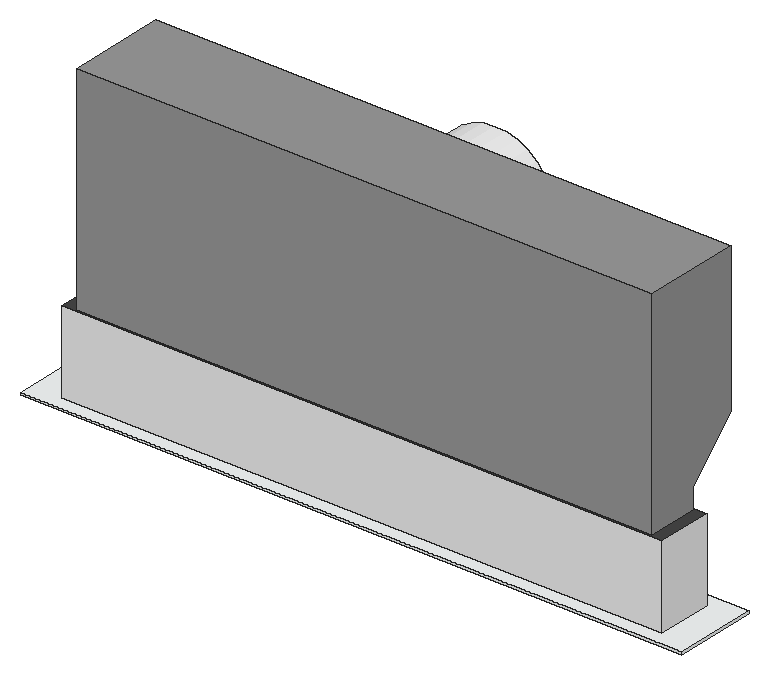
Revit family "HVAC_Ductwork_Airzone_Return-Linear-Diffuser_DFLI-PX_500mm1", category Air Terminals, Revit 2016
Family settings
  Part Type = Normal
  Round Connector Dimension = Use Diameter
  OmniClass Number = 23.75.70.21
  OmniClass Title = Terminals for Air
  Work Plane-Based = No
  Always vertical = Yes
  Cut with Voids When Loaded = No
  Shared = No
  Room Calculation Point = Yes
Parameters (values of type "INVALID TYPE - Use Load Family and Type Catalog instead")
  c8 = -0.6279  # constant formula
  c7 = 0.02769  # constant formula
  c6 = -5.505  # constant formula
  c5 = 53.51  # constant formula
  c4 = -37.4  # constant formula
  c3 = -87.76  # constant formula
  c2 = -2.073  # constant formula
  c1 = 0.000712  # constant formula
  Velocity [instance] = (Q / (36 * Ak)) * 1.0 m/s  # 17.6367 m/s
  URL = "www.airzone.es"
  Type Image Comments = "Image available in product documentation download"  # constant formula
  Type Comments = ""
  Throw Distance [instance] = round((c7 * (Ak ^ c8) * Q) * 1000) * 1 mm  # 14804 mm
  Sound Level in dBA [instance] = round((c3 + (c4 * log(Ak))) + ((c5 + (c6 * log(Ak))) * log(Q)))  # 62
  Right Cap [instance] = yes
  Revit Model Version = "1.0"  # constant formula
  Q [instance] = (1000 mm / Duct Width) * Flow / 1 m³/h  # 400
  Product Documentation Download URL = "http://doc.airzone.es/BIM/AirQ/Airzone_DFLI.zip"
  Product Comments = "Refer to technical documentation for further details"  # constant formula
  Product Code = "INVALID – Type not loaded via type catalog"
  Pressure Drop [instance] = ((c1 * (Ak ^ c2)) * (Q ^ 2)) * 1.0 Pa  # 296.87 Pa
  Plenum Width = 82.7 mm
  Plenum Material = Metal - AIRZONE - Galvanized Sheet - Semi-polished
  Plenum Length = 479.6 mm
  Plenum Height = 180 mm
  Plenum Center Offset = if(Duct Height > 75 mm, 0 mm, 20 mm)  # 20 mm
  Model = Product Code  # "INVALID – Type not loaded via type catalog"
  Min Flow = 75 m³/h
  Max Flow = 600 m³/h
  Manufacturer = "AIRZONE"  # constant formula
  Main Material = Metal - AIRZONE - Extruded Aluminium - White (RAL 9010)
  Long Description = "Long-range linear diffuser to enable the air supply. 1-4 air outlets. Provided with moving slats, it is designed to be installed in HVAC duct networks. Available in four different models"  # constant formula
  Left Cap [instance] = yes
  Flow [instance] = 200 m³/h
  Fixing = "Fixing bracket. Plenum"  # constant formula
  Finish = "White ( RAL 9010)"
  Effective Area = (Ak / (1000 mm / Duct Width)) * 100.00 cm²  # 31.50 cm²
  Duct Width = 500 mm
  Duct Height = 75 mm
  Duct Diameter = 100 mm
  Duct Connection Top Offset = 19 mm
  Duct Connection Diameter = 97.6 mm
  Disclaimer = "All information provided in this model is reviewed before being published. However, Airzone cannot guarantee this model is error-free, therefore users are strongly encouraged to check for technical documentation and updates"  # constant formula
  Description = "Linear diffuser"  # constant formula
  Compatible Accesories = "Plenum for lineal diffuser (PLEN). Linear diffuser corner (DFLIxSQ)"  # constant formula
  Ak = 0.63
  Accessories Material = Metal - AIRZONE - Aluminium - Satin
Reference planes
  plane 1 "Center (Front/Back)": y = 0
  plane 2: z = 0
  plane 3 "Center (Left/Right)": x = 0
  plane 4 "Plenum Bottom": z = 68.7
  plane 5 "Plenum Center (Front/Back)": y = 20
Dimensions and locks
  locked: plane 4 "Plenum Bottom" to level at 68.7
  "Plenum Center Offset": plane 1 "Center (Front/Back)" to plane 5 "Plenum Center (Front/Back)"
  aligned and locked: level to plane 2
  aligned and locked: plane 3 "Center (Left/Right)" to nested 1
  aligned and locked: plane 1 "Center (Front/Back)" to nested 1
  aligned and locked: plane 3 "Center (Left/Right)" to nested 2
  aligned and locked: nested 2 to plane 5 "Plenum Center (Front/Back)"
Nested families
  nested 1: "DFLI_Diffuser" at (0, 0, 0), Main Material <- "Main Material", Accessories Material <- "Accessories Material", Duct Height <- "Duct Height", Duct Width <- "Duct Width", Left Cap <- "Left Cap", Right Cap <- "Right Cap", type "Standard"
    with Slats Width 47 mm, Slats Length 500 mm, Slats Height 68.7 mm, Right Cap Length 26 mm, Right Cap yes, Outlet Single Visibility yes, Outlet Group Visibility no, Main Material Metal - AIRZONE - Extruded Aluminium - White (RAL 9010), Left Cap Length 26 mm, Left Cap yes, Duct Width 500 mm, Duct Height 75 mm, Actual Number of Outlets 2, Accessories Material Metal - AIRZONE - Aluminium - Satin
  nested 2: "DFLI_Plenum_500mm" at (0, 20, 68.7), Main Material <- "Plenum Material", Accessories Material <- "Accessories Material", Duct Connection Top Offset <- "Duct Connection Top Offset", Duct Diameter <- "Duct Diameter", Height <- "Plenum Height", Duct Connection Diameter <- "Duct Connection Diameter", Length <- "Plenum Length", Width <- "Plenum Width", type "Standard"
    with Width 82.7 mm, Void.Extrusion 484.6 mm, Main Material Metal - AIRZONE - Galvanized Sheet - Semi-polished, Length 479.6 mm, Height 180 mm, Duct Diameter 100 mm, Duct Connection Top Offset 19 mm, Duct Connection Diameter 97.6 mm, Accessories Material Metal - AIRZONE - Aluminium - Satin
Connectors
  hvac at (0, 115.55, 180.9), driven by "Pressure Drop", driven by "Flow", driven by "Duct Diameter"
    settings: on nested 2, index 1, duct flow 200 m³/h, flow factor 0, pres drop 296.87 Pa, loss coef 0, conn angle 0.00°, conn width 304.8 mm, conn height 304.8 mm, conn diameter 100 mm, duct sys type 2, conn prof type 0, flow config 1, flow direction 2, loss method 4, conn ref index -1, conn util no, is conn primary yes, conn desc "Return Air"
Definition of nested family "DFLI_Diffuser"
  Parameters (values of type "Standard")
    URL = "www.airzone.es"
    Type Comments = ""
    Slats Width [instance] = if(Duct Height < 110 mm, 47 mm, if(Duct Height < 150 mm, 85.3 mm, if(Duct Height < 200 mm, 123.3 mm, 161.9 mm)))  # 161.9 mm
    Slats Length [instance] = Duct Width  # 1000 mm
    Slats Height [instance] = 68.7 mm  # constant formula
    Right Cap Length [instance] = if(Right Cap, 26 mm, 0 mm)  # 26 mm
    Right Cap [instance] = yes
    Revit Model Version = "1.0"  # constant formula
    Revit Model Author URL = "www.a3d.es"
    Revit Model Author = "A3D Consulting"  # constant formula
    Outlet Single Visibility [instance] = not(Slats Width > 47 mm)  # no
    Outlet Group Visibility [instance] = Slats Width > 47 mm  # yes
    Min Flow = 150 m³/h
    Max Flow = 300 m³/h
    Manufacturer = "AIRZONE"  # constant formula
    Main Material [instance] = none
    Left Cap Length [instance] = if(Left Cap, 26 mm, 0 mm)  # 26 mm
    Left Cap [instance] = yes
    Duct Width [instance] = 1000 mm
    Duct Height [instance] = 200 mm
    Disclaimer = "All information provided in this model is reviewed before being published. However, Airzone cannot guarantee this model is error-free, therefore users are strongly encouraged to check for technical documentation and updates"  # constant formula
    Actual Number of Outlets [instance] = if(not(Slats Width > 85.3 mm), 2, if(not(Slats Width > 123.6 mm), 3, 4))  # 4
    Accessories Material [instance] = none
  Reference planes
    plane 1 "Center (Front/Back)": y = 0
    plane 2: z = 0
    plane 3 "Center (Left/Right)": x = 0
    plane 4 "Left": x = -526
    plane 5 "Right": x = 526
    plane 6 "Front": y = -91.95
    plane 7 "Back": y = 91.95
    plane 8 "Inner Left": x = -500
    plane 9 "Inner Right": x = 500
    plane 10 "Inner Back": y = 80.95
    plane 11 "Inner Front": y = -80.95
    plane 12 "First Outlet": y = -56.95
    plane 13 "Last Outlet": y = 56.95
  Forms (mm)
    Extrusion 1, solid, material <- "Main Material"
      sketch origin (0, 0, 0) x (1, 0, 0) y (0, 1, 0)
        loop
          line (-526, 91.95) -> (-526, -91.95) -> (526, -91.95) -> (526, 91.95) -> (-526, 91.95)
      from -2 to 0
    Extrusion 2, solid, material <- "Accessories Material"
      sketch origin (0, 0, 0) x (1, 0, 0) y (0, 1, 0)
        loop
          line (-500, 80.95) -> (-500, -80.95) -> (500, -80.95) -> (500, 80.95) -> (-500, 80.95)
      from 0 to 68.7 <- "Slats Height"
    Extrusion 3, void
      sketch origin (0, 0, 0) x (1, 0, 0) y (0, 1, 0)
        loop
          line (526, 96.95) -> (526, -96.95) -> (550, -96.95) -> (550, 96.95) -> (526, 96.95)
      from -3 to 1
    Extrusion 4, void
      sketch origin (0, 0, 0) x (1, 0, 0) y (0, 1, 0)
        loop
          line (-550, 96.95) -> (-550, -96.95) -> (-526, -96.95) -> (-526, 96.95) -> (-550, 96.95)
      from -3 to 1
  Cuts and joins
    Extrusion 3, Extrusion 4 cuts Extrusion 1
  Dimensions and locks
    equal spacing: plane 10 "Inner Back", plane 1 "Center (Front/Back)", plane 11 "Inner Front"
    "Slats Width": plane 10 "Inner Back" to plane 11 "Inner Front"
    equal spacing: plane 8 "Inner Left", plane 3 "Center (Left/Right)", plane 9 "Inner Right"
    "Slats Length": plane 8 "Inner Left" to plane 9 "Inner Right"
    locked: plane 4 "Left" to plane 8 "Inner Left" at 26
    locked: plane 9 "Inner Right" to plane 5 "Right" at 26
    locked: plane 7 "Back" to plane 10 "Inner Back" at 11
    locked: plane 11 "Inner Front" to plane 6 "Front" at 11
    equal spacing: group 1, group 3, group 4, group 2  (x3)
    locked: plane 7 "Back" to plane 13 "Last Outlet" at 35
    locked: plane 12 "First Outlet" to plane 6 "Front" at 35
    locked: plane 6 "Front" to Extrusion 3 sketch curve at 5
    locked: Extrusion 3 sketch curve to plane 7 "Back" at 5
    locked: plane 9 "Inner Right" to Extrusion 3 sketch curve at 50
    "Right Cap Length": plane 9 "Inner Right" to Extrusion 3 sketch curve
    locked: plane 6 "Front" to Extrusion 4 sketch curve at 5
    locked: Extrusion 4 sketch curve to plane 7 "Back" at 5
    locked: Extrusion 4 sketch curve to plane 8 "Inner Left" at 50
    "Left Cap Length": Extrusion 4 sketch curve to plane 8 "Inner Left"
    aligned and locked: level to plane 2
    aligned and locked: plane 4 "Left" to Extrusion 1 sketch curve
    aligned and locked: Extrusion 1 sketch curve to plane 7 "Back"
    aligned and locked: Extrusion 1 sketch curve to plane 5 "Right"
    aligned and locked: plane 6 "Front" to Extrusion 1 sketch curve
    aligned and locked: Extrusion 2 sketch curve to plane 8 "Inner Left"
    aligned and locked: Extrusion 2 sketch curve to plane 10 "Inner Back"
    aligned and locked: plane 9 "Inner Right" to Extrusion 2 sketch curve
    aligned and locked: plane 11 "Inner Front" to Extrusion 2 sketch curve
    aligned and locked: plane 3 "Center (Left/Right)" to nested 1
    aligned and locked: nested 1 to plane 12 "First Outlet"
    aligned and locked: plane 13 "Last Outlet" to nested 2
    aligned and locked: plane 3 "Center (Left/Right)" to nested 5
    aligned and locked: nested 5 to plane 12 "First Outlet"
  Nested families
    nested 1: "DFLI_Outlet" at (0, -56.95, -2), Length <- "Slats Length", visible <- "Outlet Group Visibility", type "Standard"
      with Length 1000 mm
    nested 2: "DFLI_Outlet" at (0, 56.95, -2), Length <- "Slats Length", visible <- "Outlet Group Visibility", type "Standard"
      with Length 1000 mm
    nested 3: "DFLI_Outlet" at (0, -18.983, -2), Length <- "Slats Length", visible <- "Outlet Group Visibility", type "Standard"
      with Length 1000 mm
    nested 4: "DFLI_Outlet" at (0, 18.983, -2), Length <- "Slats Length", visible <- "Outlet Group Visibility", type "Standard"
      with Length 1000 mm
    nested 5: "DFLI_Outlet" at (0, -56.95, -2), visible <- "Outlet Single Visibility", Length <- "Slats Length", type "Standard"
      with Length 1000 mm
  Definition of nested family "DFLI_Outlet"
    Parameters (values of type "Standard")
      URL = "www.airzone.es"
      Type Comments = ""
      Revit Model Version = "1.0"  # constant formula
      Revit Model Author URL = "www.a3d.es"
      Revit Model Author = "A3D Consulting"  # constant formula
      Min Flow = 0 m³/h
      Max Flow = 0 m³/h
      Manufacturer = "AIRZONE"  # constant formula
      Length [instance] = 179 mm
      Default Elevation = 0 mm
    Reference planes
      plane 1 "Center (Front/Back)": y = 0
      plane 2: z = 0
      plane 3 "Center (Left/Right)": x = 0
      plane 4 "Left": x = -89.5
      plane 5 "Right": x = 89.5
    Forms (mm)
      Extrusion 1, solid, detail levels fine
        sketch origin (0, 0, 0) x (1, 0, 0) y (0, 1, 0)
          loop
            line (-89.5, -8.5) -> (89.5, -8.5) -> (89.5, 8.5) -> (-89.5, 8.5) -> (-89.5, -8.5)
        from -1 to 0
    Lines and regions (mm)
      model lines, detail levels medium
        curve 1: line (89.5, 0, 0) -> (-89.5, 0, 0)
      symbolic lines, detail levels medium
        curve 2: line (-89.5, 0, 0) -> (89.5, 0, 0)
      symbolic lines, detail levels fine
        curve 3: line (-89.5, 8.5, 0) -> (89.5, 8.5, 0)
        curve 4: line (89.5, 8.5, 0) -> (89.5, -8.5, 0)
        curve 5: line (89.5, -8.5, 0) -> (-89.5, -8.5, 0)
        curve 6: line (-89.5, -8.5, 0) -> (-89.5, 8.5, 0)
    Dimensions and locks
      equal spacing: plane 4 "Left", plane 3 "Center (Left/Right)", plane 5 "Right"
      "Length": plane 4 "Left" to plane 5 "Right"
      equal spacing: curve 5, plane 1 "Center (Front/Back)", curve 3
      locked: curve 5 to curve 3 at 17
      equal spacing: Extrusion 1 sketch curve, plane 1 "Center (Front/Back)", Extrusion 1 sketch curve
      locked: Extrusion 1 sketch curve to Extrusion 1 sketch curve at 17
      aligned and locked: level to plane 2
      aligned and locked: plane 1 "Center (Front/Back)" to curve 2
      aligned and locked: curve 1 to plane 1 "Center (Front/Back)"
      aligned and locked: plane 4 "Left" to curve 6
      aligned and locked: plane 5 "Right" to curve 4
      aligned and locked: Extrusion 1 sketch curve to plane 4 "Left"
      aligned and locked: Extrusion 1 sketch curve to plane 5 "Right"
Definition of nested family "DFLI_Plenum_500mm"
  Parameters (values of type "Standard")
    Width [instance] = 82.7 mm
    Void.Extrusion [instance] = if(Duct Diameter = 100 mm, Length + 5 mm, 2 mm)  # 484.6 mm
    URL = "www.airzone.es"
    Type Comments = ""
    Revit Model Version = "1.0"  # constant formula
    Revit Model Author URL = "www.a3d.es"
    Revit Model Author = "A3D Consulting"  # constant formula
    Manufacturer = "AIRZONE"  # constant formula
    Main Material [instance] = none
    Length [instance] = 479.6 mm
    Duct Diameter [instance] = 100 mm
    Duct Connection Top Offset [instance] = 19 mm
    Duct Connection Diameter [instance] = 97.6 mm
    Height [instance] = 180 mm
    Disclaimer = "All information provided in this model is reviewed before being published. However, Airzone cannot guarantee this model is error-free, therefore users are strongly encouraged to check for technical documentation and updates"  # constant formula
    Default Elevation = 0 mm
    Accessories Material [instance] = none
  Reference planes
    plane 1 "Center (Front/Back)": y = 0
    plane 2 "Bottom": z = 0
    plane 3 "Center (Left/Right)": x = 0
    plane 4 "Left": x = -239.8
    plane 5 "Right": x = 239.8
    plane 6 "Front": y = -41.35
    plane 7 "Back": y = 41.35
    plane 8 "Top": z = 180
    plane 9: y = 1.45
    plane 10: z = 16.29
    plane 11: z = 55.75
    plane 12 "Void.Aux": x = -244.8
    plane 13 "Inlet-Outlet Top": z = 161
    plane 14 "Inlet-Outlet Bottom": z = 63.4
    plane 15 "Inlet-Outlet Center (Top/Bottom)": z = 112.2
  Forms (mm)
    Extrusion 1, solid, material <- "Main Material"
      sketch origin (0, 0, 0) x (1, 0, 0) y (0, 1, 0)
        loop
          line (-239.8, 41.35) -> (-239.8, -41.35) -> (239.8, -41.35) -> (239.8, 41.35) -> (-239.8, 41.35)
      from 0 to 180 <- "Height"
    Extrusion 2, solid, material <- "Accessories Material"
      sketch origin (0, 41.35, 0) x (-1, 0, 0) y (0, 0, 1)
        loop
          circle (0, 112.2) r 48.8
      from 0 to 54.2
    Extrusion 3, void
      sketch origin (-244.8, 0, 0) x (0, 1, 0) y (0, 0, 1)
        loop
          line (41.35, 0) -> (41.35, 55.75) -> (1.45, 16.29) -> (1.45, 0) -> (41.35, 0)
      from 0 to 484.6 <- "Void.Extrusion"
  Cuts and joins
    Extrusion 3 cuts Extrusion 1
  Dimensions and locks
    equal spacing: plane 4 "Left", plane 3 "Center (Left/Right)", plane 5 "Right"
    "Length": plane 4 "Left" to plane 5 "Right"
    equal spacing: plane 6 "Front", plane 1 "Center (Front/Back)", plane 7 "Back"
    "Width": plane 6 "Front" to plane 7 "Back"
    "Height": plane 8 "Top" to level
    locked: plane 9 to plane 6 "Front" at 42.8
    locked: plane 10 to level at 16.29
    locked: plane 11 to level at 55.75
    locked: plane 12 "Void.Aux" to plane 4 "Left" at 5
    "Duct Connection Top Offset": plane 8 "Top" to plane 13 "Inlet-Outlet Top"
    "Duct Connection Diameter": plane 13 "Inlet-Outlet Top" to plane 14 "Inlet-Outlet Bottom"
    equal spacing: plane 13 "Inlet-Outlet Top", plane 15 "Inlet-Outlet Center (Top/Bottom)", plane 14 "Inlet-Outlet Bottom"
    "Duct Connection Diameter": diameter of Extrusion 2 sketch curve
    aligned and locked: level to plane 2 "Bottom"
    aligned and locked: Extrusion 1 sketch curve to plane 7 "Back"
    aligned and locked: Extrusion 1 sketch curve to plane 5 "Right"
    aligned and locked: plane 6 "Front" to Extrusion 1 sketch curve
    aligned and locked: Extrusion 1 sketch curve to plane 4 "Left"
    aligned and locked: Extrusion 2 sketch curve to plane 3 "Center (Left/Right)"
    aligned and locked: level to Extrusion 3 sketch curve
    aligned and locked: Extrusion 3 sketch curve to plane 9
    aligned and locked: plane 7 "Back" to Extrusion 3 sketch curve
    aligned and locked: plane 11 to Extrusion 3 sketch curve
    aligned and locked: plane 10 to Extrusion 3 sketch curve
    aligned and locked: plane 15 "Inlet-Outlet Center (Top/Bottom)" to Extrusion 2 sketch curve
